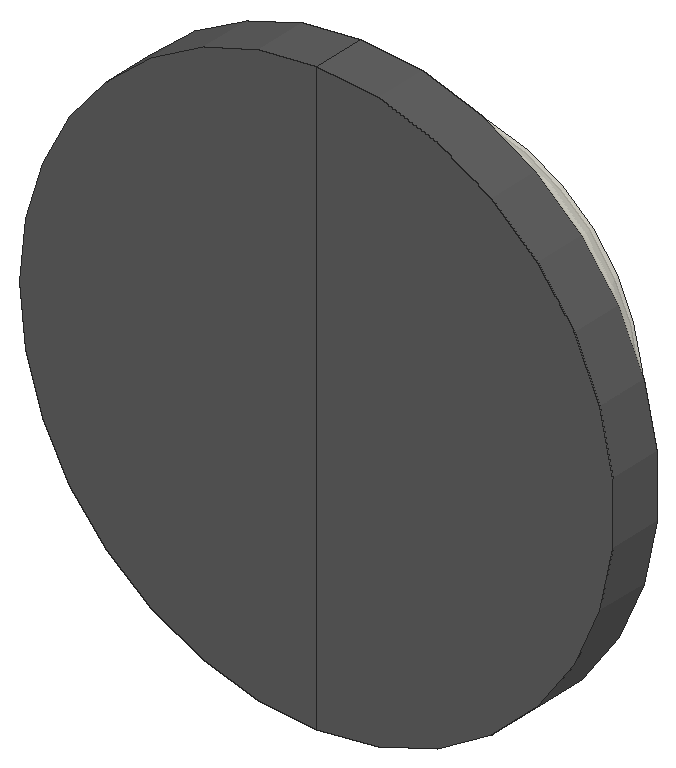
Revit family "BLH1", category Lighting Fixtures, host Wall, Revit 2024
Family settings
  Host = Wall
  Round Connector Dimension = Use Diameter
  Part Type = Normal
  OmniClass Number = 23.80.70.00
  OmniClass Title = Lighting
  Always vertical = Yes
  Cut with Voids When Loaded = No
  Light Source = No
  Maintain Annotation Orientation = No
  Shared = No
  Room Calculation Point = No
Parameters
  Default Elevation = 0' - 0"
Reference planes (in)
  plane 1: y = 0
  plane 2 "Light Source Axis (F/B)": y = 8
  plane 3 "Light Source Axis (L/R)": x = -1.43133
  plane 4 "Light Source Elevation": z = 77.42225
Forms (in)
  Revolve 1, solid, material "41"
    sketch origin (-1.43133, 0, 0) x (0, -1, 0) y (0, 0, 1)
      loop
        line (-3, 92.42225) -> (-4.38912, 92.42225) -> (-4.38912, 84.92225) -> (-3, 84.92225) -> (-3, 92.42225)
      axis (-4.38912, 84.92225) -> (-3, 84.92225)
    angle from 0 to 360
  Revolve 2, solid, material "41"
    sketch origin (3.47158, 0, -0.00075) x (0, -1, 0) y (0, 0, 1)
      loop
        line (-4.38912, 90.03828) -> (-4.44948, 90.03828)
        arc (-4.44948, 90.03828) -> (-4.51019, 90.01313) -> (-4.53533, 89.95243) r 0.08585
        line (-4.53533, 89.95243) -> (-4.53533, 89.82365) -> (-4.38912, 89.82365) -> (-4.38912, 90.03828)
      axis (-4.53533, 89.82365) -> (-4.38912, 89.82365)
    angle from 0 to 360
  Revolve 3, solid, material "41"
    sketch origin (-6.33423, 0, -0.00075) x (0, -1, 0) y (0, 0, -1)
      loop
        line (-4.38912, -90.03828) -> (-4.38912, -89.82365) -> (-4.53533, -89.82365) -> (-4.53533, -89.95243)
        arc (-4.53533, -89.95243) -> (-4.51019, -90.01313) -> (-4.44948, -90.03828) r 0.08585
        line (-4.44948, -90.03828) -> (-4.38912, -90.03828)
      axis (-4.53533, -89.82365) -> (-4.38912, -89.82365)
    angle from 0 to 360
  Revolve 4, solid, material "41"
    sketch origin (3.47158, 0, 169.84525) x (0, -1, 0) y (0, 0, 1)
      loop
        line (-4.38912, -90.03828) -> (-4.38912, -89.82365) -> (-4.53533, -89.82365) -> (-4.53533, -89.95243)
        arc (-4.53533, -89.95243) -> (-4.51019, -90.01313) -> (-4.44948, -90.03828) r 0.08585
        line (-4.44948, -90.03828) -> (-4.38912, -90.03828)
      axis (-4.53533, -89.82365) -> (-4.38912, -89.82365)
    angle from 0 to 360
  Revolve 5, solid
    sketch origin (-6.33423, 0, 169.84525) x (0, -1, 0) y (0, 0, -1)
      loop
        line (-4.38912, 90.03828) -> (-4.44948, 90.03828)
        arc (-4.44948, 90.03828) -> (-4.51019, 90.01313) -> (-4.53533, 89.95243) r 0.08585
        line (-4.53533, 89.95243) -> (-4.53533, 89.82365) -> (-4.38912, 89.82365) -> (-4.38912, 90.03828)
      axis (-4.53533, 89.82365) -> (-4.38912, 89.82365)
    angle from 0 to 360
  Revolve 6, solid, material "41"
    sketch origin (-6.33423, 0, 169.84525) x (0, -1, 0) y (0, 0, -1)
      loop
        line (-4.38912, 90.03828) -> (-4.44948, 90.03828)
        arc (-4.44948, 90.03828) -> (-4.51019, 90.01313) -> (-4.53533, 89.95243) r 0.08585
        line (-4.53533, 89.95243) -> (-4.53533, 89.82365) -> (-4.38912, 89.82365) -> (-4.38912, 90.03828)
      axis (-4.53533, 89.82365) -> (-4.38912, 89.82365)
    angle from 0 to 360
  Revolve 7, solid
    sketch origin (-1.43133, 0, 0) x (0, -1, 0) y (0, 0, 1)
      loop
        line (-8.75743, 84.92225) -> (-8.75743, 83.66606)
        arc (-8.75743, 83.66606) -> (-7.50966, 80.3614) -> (-4.38912, 78.70612) r 5
        line (-4.38912, 78.70612) -> (-4.38912, 78.80064)
        arc (-4.38912, 78.80064) -> (-7.44325, 80.42784) -> (-8.66368, 83.66606) r 4.90625
        line (-8.66368, 83.66606) -> (-8.66368, 84.92225) -> (-8.75743, 84.92225)
      axis (-8.75743, 84.92225) -> (-4.38912, 84.92225)
    angle from 0 to 360
Text (in)
  text "Placement Side" at (0, 40.15149, 123.01588), in view "Right"
  text "Placement Side" at (-70.3804, 56.61594, 0), in view "Ref. Level"
  text "Placement Side" at (0, 47.49176, 140.59947), in view "Left"
